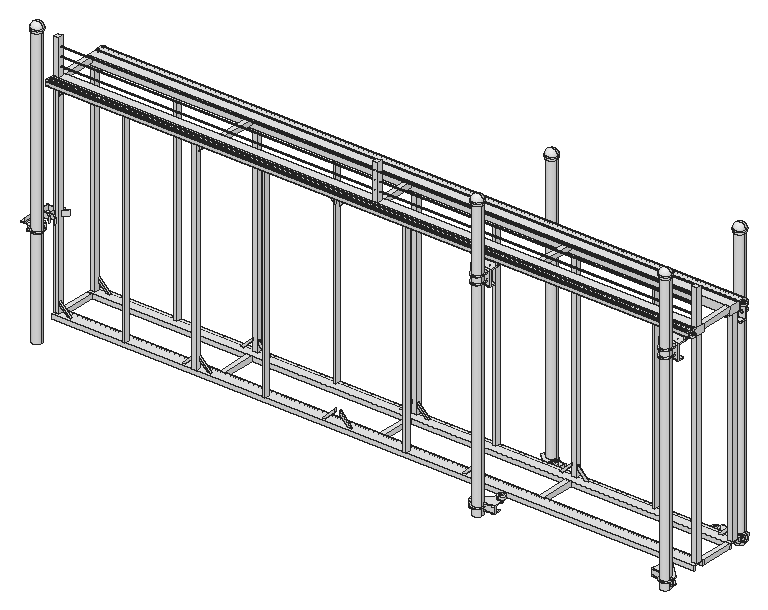
Revit family "Site-Fencing-Tymetal_Corp-Box_Frame_Cantilever_Slide_Gate-Chain_Link", category Site, Revit 2015
Parameters (values of type "Standard")
  URL = "http://www.tymetal.com/"
  Single Gate Clearances = if(Clear Opening < 12' 0", 12' 0", if(Clear Opening > 60' 0", 60' 0", Clear Opening))  # 15' - 0"
  Proposed Fence Location [instance] = yes
  Product data url = "https://bimobject.com/tymetal/product/tymetal-fortress-box"
  Product Page URL = "http://www.tymetal.com/industrial-commercial/cantilever-gates/fortress-box-frame/"
  Product Documentation Link = "http://www.tymetal.com/wp-content/uploads/2013/04/Tymetal-Fortress-Box-Frame-Cantilever-Slide-Gate.pdf"
  Post Spacing = (Single Gate Clearances / 2) - 0' 11"  # 6' - 7"
  Post Radius = Post Diameter / 2  # 0' - 2"
  Post Height = if(Barb Arms and Wires, Gate Height Clearances + Barb Height + 0' 6", Gate Height Clearances + 0' 6")  # 9' - 9"
  Post Diameter = 0' - 4"  # constant formula
  Panel Height = Height + Barb Height  # 9' - 3"
  Options = "Barb Arms are Optional; Barb Wires by Others"  # constant formula
  Notes = "Single Clear Opening up to 60' and Double Clear Openings up to 120'"  # constant formula
  Mount Clamp Extension from Gate = 0' - 2"
  Model = "Chain Link"  # constant formula
  Manufacturer = "Tymetal Corp."  # constant formula
  Length = Single Gate Clearances * 1.5  # 22' - 6"
  Height = 8' - 0"
  Hardware Finish = Metal - Tymetal - Aluminum
  Gate Height Clearances = if(Height < 6' 0", 6' 0", if(Height > 8' 0", 8' 0", Height))  # 8' - 0"
  Gate Documentation Link = "http://www.tymetal.com/wp-content/uploads/2013/04/Tymetal-Fortress-Box-Frame-Cantilever-Slide-Gate.pdf"
  Front Panel Length = (Single Gate Clearances - 0' 3 1/4") / Front Chain Link Panel Count  # 4' - 10.91667"
  Front Chain Link Panel Count = Chain Link Panel Count - 1  # 3
  Front Additional Posts = Additional Posts - 1  # 2
  Finish Note = "For additional powder coat color options, please contact Tymetal"  # constant formula
  Finish = Metal - Tymetal - Aluminum
  Fence Offset from Grade = 0' - 5"
  Description = "Fortress Box Frame Cantilever Slide Gate with Chain Link Fencing"  # constant formula
  Counter Balance Length = Single Gate Clearances * 0.5  # 7' - 6"
  Clear Opening = 15' - 0"
  Chain Link Panel Length = (Length - 0' 2") / Chain Link Panel Count  # 5' - 7"
  Chain Link Panel Count = if(and(Clear Opening > 12' 0", Clear Opening < 17' 0"), 4, if(and(Clear Opening > 18' 0", Clear Opening < 23' 0"), 5, if(and(Clear Opening > 24' 0", Clear Opening < 29' 0"), 6, if(and(Clear Opening > 30' 0", Clear Opening < 35' 0"), 7, if(and(Clear Opening > 36' 0", Clear Opening < 41' 0"), 8, if(and(Clear Opening > 42' 0", Clear Opening < 47' 0"), 9, if(and(Clear Opening > 48' 0", Clear Opening < 53' 0"), 10, if(and(Clear Opening > 54' 0", Clear Opening < 60' 0"), 11, 6))))))))  # 4
  Catch Assembly Height Above Grade = 3' - 6"
  Bottom Guide Cover = no
  Between Posts = 2' - 11"  # constant formula
  Barb Height = 1' - 3"
  Barb Arms and Wires = yes
  Assembly Code = "G2040100"
  Additional Posts = Chain Link Panel Count - 1  # 3
Reference planes (in)
  plane 1 "Center (Front/Back)": y = 0
  plane 2 "Bottom": z = 0
  plane 3 "Center (Left/Right)": x = 0
  plane 4 "Top": z = 96
  plane 5: z = 5
  plane 6: x = 135
  plane 7: x = -135
  plane 8: x = 50
  plane 9: x = 45
  plane 10: y = 17.5
  plane 11: y = -17.5
  plane 12: y = 19.5
  plane 13: y = -19.5
  plane 14: x = -137
  plane 15: x = 129
  plane 16: z = 3.275
  plane 17: z = 87.60938
  plane 18: x = 45
  plane 19: z = 42
  plane 20: y = -11
  plane 21: x = -136.49609
  plane 22: y = 11
  plane 23: x = -135
  plane 24: x = -67
  plane 25: x = -136
  plane 26: x = 67
  plane 27: x = 134
  plane 28: z = 117
  plane 29: x = 133
  plane 30: x = 42.75
  plane 31: x = -16.16667
  plane 32: x = -75.08333
  plane 33: x = -134
Forms (in)
  Extrusion 1, solid, material "Metal - Tymetal - Chain Link"
    sketch origin (0, 0, 0) x (0, 1, 0) y (0, 0, 1)
      loop
        line (10.5, 92.8125) -> (10.46875, 92.8125) -> (10.46875, 7) -> (10.5, 7) -> (10.5, 92.8125)
    from -133 to 133
  Extrusion 2, solid, material "Metal - Tymetal - Chain Link"
    sketch origin (0, 0, 0) x (0, 1, 0) y (0, 0, 1)
      loop
        line (-11.96875, 7) -> (-11.96875, 92.8125) -> (-12, 92.8125) -> (-12, 7) -> (-11.96875, 7)
    from -133 to 43.75
Dimensions and locks (in)
  "Fence Offset from Grade": plane 5 to level
  equal spacing: plane 7, plane 3 "Center (Left/Right)", plane 6
  "Length": plane 7 to plane 6
  equal spacing: plane 10, plane 1 "Center (Front/Back)", plane 11
  "Between Posts": plane 10 to plane 11
  "Post Radius": plane 13 to plane 11
  "Post Radius": plane 12 to plane 10
  "Post Radius": plane 14 to plane 7
  locked: plane 15 to plane 6 at 6
  locked: plane 16 to level at 3.275
  "Counter Balance Length": plane 18 to plane 6
  "Catch Assembly Height Above Grade": plane 19 to level
  plane 21 to plane 7 = 0' - 1 127/256"
  "Post Spacing": plane 8 to plane 15
  locked: plane 22 to plane 1 "Center (Front/Back)" at 11
  locked: plane 21 to plane 23 at 1.49609
  locked: plane 23 to plane 25 at 1
  "Chain Link Panel Length": plane 24 to plane 33
  locked: plane 6 to plane 27 at 1
  "Chain Link Panel Length": plane 27 to plane 26
  locked: plane 1 "Center (Front/Back)" to plane 20 at 11
  "Post Height": plane 28 to level
  "Gate Height Clearances": plane 4 "Top" to plane 2 "Bottom"
  equal spacing: group 1, group 3, group 2  (x3)
  locked: plane 6 to plane 29 at 2
  equal spacing: group 4, group 6, group 7, group 5  (x3)
  group 9 to group 8 = 9' - 9.83333"
  group 8 to group 9 = 0' - 0"  (x2)
  "Single Gate Clearances": plane 7 to plane 9
  locked: plane 4 "Top" to plane 17 at 8.39062
  locked: Extrusion 1 sketch curve to Extrusion 1 sketch curve at 0.03125
  locked: Extrusion 2 sketch curve to Extrusion 2 sketch curve at 0.03125
  locked: Extrusion 2 to plane 7 at 2
  locked: plane 6 to Extrusion 1 at 2
  locked: Extrusion 1 to plane 7 at 2
  locked: plane 13 to nested 25 at 4
  equal spacing: group 10, group 12, group 11  (x3)
  locked: plane 30 to plane 8 at 7.25
  equal spacing: group 13, group 15, group 14  (x3)
  locked: plane 33 to plane 23 at 1
  "Front Panel Length": plane 30 to plane 31
  "Front Panel Length": plane 32 to plane 33
  locked: Extrusion 2 to plane 30 at 1
  aligned and locked: plane 8 to nested 2
  aligned and locked: nested 2 to plane 13
  aligned and locked: nested 3 to plane 13
  aligned and locked: plane 15 to nested 3
  aligned and locked: nested 1 to plane 13
  aligned and locked: nested 4 to plane 12
  aligned and locked: plane 15 to nested 4
  aligned and locked: nested 1 to plane 2 "Bottom"
  aligned and locked: nested 1 to level
  aligned and locked: nested 3 to level  (x2)
  aligned and locked: nested 2 to level  (x2)
  aligned and locked: plane 12 to nested 8
  aligned and locked: nested 8 to plane 8
  aligned and locked: plane 8 to nested 6
  aligned and locked: plane 13 to nested 6
  aligned and locked: nested 5 to plane 13
  aligned and locked: plane 15 to nested 5
  aligned and locked: nested 7 to plane 15
  aligned and locked: nested 7 to plane 12
  aligned and locked: nested 6 to plane 16
  aligned and locked: plane 16 to nested 8
  aligned and locked: plane 16 to nested 5
  aligned and locked: nested 7 to plane 16
  aligned and locked: nested 11 to plane 8
  aligned and locked: plane 12 to nested 11
  aligned and locked: nested 12 to plane 12
  aligned and locked: nested 12 to plane 15
  aligned and locked: plane 8 to nested 9
  aligned and locked: nested 9 to plane 13
  aligned and locked: nested 10 to plane 13
  aligned and locked: plane 15 to nested 10
  aligned and locked: nested 9 to plane 17
  aligned and locked: nested 11 to plane 17
  aligned and locked: nested 10 to plane 17
  aligned and locked: nested 12 to plane 17
  aligned and locked: plane 13 to nested 13
  aligned and locked: plane 19 to nested 13
  aligned and locked: nested 14 to level
  aligned and locked: nested 14 to plane 1 "Center (Front/Back)"
  aligned and locked: plane 24 to nested 15
  aligned and locked: plane 22 to nested 15
  aligned and locked: plane 5 to nested 15
  aligned and locked: nested 14 to plane 3 "Center (Left/Right)"
  aligned and locked: plane 7 to nested 1
  aligned and locked: nested 13 to plane 7
  aligned and locked: nested 17 to plane 26
  aligned and locked: plane 22 to nested 17
  aligned and locked: plane 5 to nested 17
  aligned and locked: level to nested 19
  aligned and locked: nested 22 to plane 20
  aligned and locked: nested 23 to plane 20
  aligned and locked: nested 16 to nested 15
  aligned and locked: Extrusion 1 sketch curve to nested 14  (x2)
  aligned and locked: nested 14 to Extrusion 1 sketch curve
  aligned and locked: nested 14 to Extrusion 2 sketch curve
  aligned and locked: level to nested 24
  aligned and locked: plane 20 to nested 24
  aligned and locked: nested 14 to nested 24
  aligned and locked: plane 8 to nested 25
  aligned and locked: level to nested 26  (x2)
  aligned and locked: nested 26 to plane 8
  aligned and locked: nested 26 to plane 12
  aligned and locked: plane 24 to nested 27
  aligned and locked: plane 1 "Center (Front/Back)" to nested 27
  aligned and locked: plane 1 "Center (Front/Back)" to nested 28
  aligned and locked: nested 28 to plane 26
  aligned and locked: nested 14 to plane 7
  aligned and locked: nested 14 to plane 6
  aligned and locked: plane 30 to nested 22
  aligned and locked: plane 32 to nested 23
  aligned and locked: nested 19 to plane 27
  aligned and locked: level to nested 30
  aligned and locked: nested 30 to plane 30
  aligned and locked: nested 16 to plane 33
  aligned and locked: nested 24 to plane 33
Automatic sketch dimensions
  Extrusion 2 sketch curve to plane 20 = 0' - 1"
  plane 5 to Extrusion 2 sketch curve = 0' - 2"
Nested families (in)
  nested 1: "Fence - Post" at (-135, -19.5, 0), type "Fence - Post"
    with Post Height 9' - 9"
  nested 2: "Fence - Post" at (50, -19.5, 0), type "Fence - Post"
    with Post Height 9' - 9"
  nested 3: "Fence - Post" at (129, -19.5, 0), type "Fence - Post"
    with Post Height 9' - 9"
  nested 4: "Fence - Post" at (129, 19.5, 0), type "Fence - Post"
    with Post Height 9' - 9"
  nested 5: "Fence - Box Bottom Guide" at (129, -19.5, 3.275), type "Fence - Box Bottom Guide"
    with Guide Cover no
  nested 6: "Fence - Box Bottom Guide" at (50, -19.5, 3.275) x (-1, 0, 0) z (0, 0, 1), type "Fence - Box Bottom Guide"
    with Guide Cover no
  nested 7: "Fence - Box Bottom Guide" at (129, 19.5, 3.275), type "Fence - Box Bottom Guide"
    with Guide Cover no
  nested 8: "Fence - Box Bottom Guide" at (50, 19.5, 3.275) x (-1, 0, 0) z (0, 0, 1), type "Fence - Box Bottom Guide"
    with Guide Cover no
  nested 9: "Fence - Box Hanger with Track" at (50, -19.5, 89.10938), type "Fence - Box Hanger with Track"
  nested 10: "Fence - Box Hanger with Track" at (129, -19.5, 89.10938), type "Fence - Box Hanger with Track"
  nested 11: "Fence - Box Hanger with Track" at (50, 19.5, 89.10938) x (-1, 0, 0) z (0, 0, 1), type "Fence - Box Hanger with Track"
  nested 12: "Fence - Box Hanger with Track" at (129, 19.5, 89.10938) x (-1, 0, 0) z (0, 0, 1), type "Fence - Box Hanger with Track"
  nested 13: "Fence - Catch Assembly" at (-135, -19.5, 42) x (-1, 0, 0) z (0, 0, 1), type "Fence - Catch Assembly"
    with Gate Open Distance 0' - 2", Catch Location 0' - 2"
  nested 14: "Fence - Box Frame" at (-86, 0, 0), type "Fence - Box Frame"
    with Frame Length 22' - 6", Barb Posts 3, Frame Height 8' - 0", Drive Chain no
  nested 15: "Fence - 2x2" at (-67, 11, 0), type "Fence - 2x2"
  nested 16: "Fence - Chain Link Panel" at (-104, 10, 0) x (-1, 0, 0) z (0, 0, 1), type "Panel"
  nested 17: "Fence - 2x2" at (67, 11, 0), type "Fence - 2x2"
  nested 18: "Fence - 2x2" at (0, 11, 0), type "Fence - 2x2"
  nested 19: "Fence - Chain Link Panel" at (97, 10, 0) x (-1, 0, 0) z (0, 0, 1), type "Panel"
  nested 20: "Fence - Chain Link Panel" at (-37, 10, 0) x (-1, 0, 0) z (0, 0, 1), type "Panel"
  nested 21: "Fence - Chain Link Panel" at (30, 10, 0) x (-1, 0, 0) z (0, 0, 1), type "Panel"
  nested 22: "Fence - 2x2" at (42.75, -11, 0), type "Fence - 2x2"
  nested 23: "Fence - 2x2" at (-75.08333, -11, 0), type "Fence - 2x2"
  nested 24: "Fence - Chain Link Panel" at (-97, -10, 0), type "Front Panel"
  nested 25: "Fence-Chain_Link" at (101.5, -23.5, 0), visible <- "Proposed Fence Location", type "Fence-Chain_Link"
    with Length 6' - 7"
  nested 26: "Fence - Post" at (50, 19.5, 0), type "Fence - Post"
    with Post Height 9' - 9"
  nested 27: "Fence - Box Frame-Supports" at (-153, 0, 0), type "Fence - Box Frame-Supports"
    with Frame Height 8' - 0"
  nested 28: "Fence - Box Frame-Supports" at (-19, 0, 0), type "Fence - Box Frame-Supports"
    with Frame Height 8' - 0"
  nested 29: "Fence - Box Frame-Supports" at (-86, 0, 0), type "Fence - Box Frame-Supports"
    with Frame Height 8' - 0"
  nested 30: "Fence - Chain Link Panel" at (20.83333, -10, 0), type "Front Panel"
  nested 31: "Fence - Chain Link Panel" at (-38.08333, -10, 0), type "Front Panel"
Definition of nested family "Fence - Post"
  Parameters
    Post Radius = Post Diameter / 2  # 0' - 2"
    Post Material = none
    Post Height = 5' - 11 1/2"
    Post Diameter = 0' - 4"
    Cap Radius = Post Radius + 0' 0 1/4"  # 0' - 2 1/4"
  Reference planes (in)
    plane 1 "Center (Front/Back)": y = 0
    plane 2: z = 0
    plane 3 "Center (Left/Right)": x = 0
    plane 4: z = 75
    plane 5 "Post Right": x = 2
    plane 6 "Post Left": x = -2
    plane 7 "Post Front": y = 2
    plane 8 "Post Back": y = -2
    plane 9: z = 71.5
    plane 10: x = -2.25
    plane 11: x = -2.49863
    plane 12: z = 75
  Forms (in)
    Revolve 1, solid, material <- "Post Material", detail levels coarse
      sketch origin (0, 0, 0) x (1, 0, 0) y (0, 0, 1)
        loop
          line (-2, 0) -> (0, 0) -> (0, 75) -> (-2, 75) -> (-2, 0)
        axis (0, 75) -> (0, 0)
      angle from 0 to 360
    Revolve 2, solid, material <- "Post Material", detail levels medium+fine
      sketch origin (0, 0, 2.5) x (1, 0, 0) y (0, 0, 1)
        loop
          line (-2, -2.5) -> (0, -2.5) -> (0, 72.5)
          arc (0, 72.5) -> (-1.59099, 71.84099) -> (-2.25, 70.25) r 2.25
          line (-2.25, 70.25) -> (-2.49863, 70.25) -> (-2.49863, 70) -> (-2.25, 70) -> (-2.25, 69) -> (-2, 69) -> (-2, -2.5)
        axis (0, 72.5) -> (0, -2.5)
      angle from 0 to 360
  Lines and regions (in)
    Masking region 1
      outline origin (0, 0, 0) x (1, 0, 0) y (0, 1, 0)
        loop
          circle (0, 0) r 2
  Dimensions and locks (in)
    "Post Height": plane 9 to plane 2
    "Post Radius": plane 3 "Center (Left/Right)" to Revolve 1 sketch curve
    equal spacing: plane 6 "Post Left", plane 3 "Center (Left/Right)", plane 5 "Post Right"
    "Post Diameter": plane 6 "Post Left" to plane 5 "Post Right"
    "Post Diameter": plane 8 "Post Back" to plane 7 "Post Front"
    equal spacing: plane 8 "Post Back", plane 1 "Center (Front/Back)", plane 7 "Post Front"
    Revolve 2 sketch curve to Revolve 2 sketch curve to Revolve 2 sketch curve = 0' - 0 1/4" locked, 0' - 1" locked
    plane 11 to plane 10 to plane 6 "Post Left" = 0' - 0.24863" locked, 0' - 0 1/4" locked
    "Post Radius": radius of Masking region 1 sketch curve
    aligned and locked: Revolve 1 sketch curve to plane 3 "Center (Left/Right)"  (x2)
    aligned and locked: Revolve 1 sketch curve to level
    aligned and locked: Revolve 2 sketch curve to plane 3 "Center (Left/Right)"  (x2)
    aligned and locked: Revolve 2 sketch curve to level
    aligned and locked: plane 3 "Center (Left/Right)" to Masking region 1 sketch curve
    aligned and locked: plane 1 "Center (Front/Back)" to Masking region 1 sketch curve
    aligned and locked: plane 9 to Revolve 2
    aligned and locked: plane 9 to Revolve 2 sketch curve
    aligned and locked: plane 6 "Post Left" to Revolve 2 sketch curve
    aligned and locked: Revolve 2 sketch curve to plane 10
    aligned and locked: plane 11 to Revolve 2 sketch curve
    aligned and locked: plane 10 to Revolve 2 sketch curve
    aligned and locked: plane 12 to plane 4
    aligned and locked: plane 12 to Revolve 2 sketch curve
  Automatic sketch dimensions
    Revolve 2 sketch curve to Revolve 2 sketch curve = 2' - 0 1/2"
    plane 4 to Revolve 2 sketch curve = 3' - 9.60702"
    Revolve 1 sketch curve to plane 4 = 0' - 0"
    Revolve 1 sketch curve to Revolve 1 sketch curve = 2' - 0"
    Revolve 1 sketch curve to Revolve 1 sketch curve = 3' - 10.10599"
Definition of nested family "Fence - Box Bottom Guide"
  Parameters
    Post Radius = Post Diameter / 2  # 0' - 2"
    Post Diameter = 0' - 4"
    Post Attachment Extension = 0' - 2"
    Outside Guide Location = 0' - 10 3/4"
    OG Calculation = if(Outside Guide Location < 0' 6 15/16", 0' 6 15/16", if(Outside Guide Location > 0' 10 3/4", 0' 10 3/4", Outside Guide Location))  # 0' - 10 3/4"
    Inside Guide Location = 0' - 1 11/16"
    IG Calculation = if(Inside Guide Location < 0' 1 11/16", 0' 1 11/16", if(Inside Guide Location > 0' 3 1/4", 0' 3 1/4", Inside Guide Location))  # 0' - 1 11/16"
    Guide Cover = yes
    Bottom Guide Material = none
  Reference planes (in)
    plane 1 "Center (Front/Back)": y = 0
    plane 2: z = 0
    plane 3 "Center (Left/Right)": x = 0
    plane 4: z = 1.5
    plane 5: z = -1.5
    plane 6: y = 7.5
  Forms (in)
    Extrusion 1, solid, material <- "Bottom Guide Material"
      sketch origin (0.008, 0.04498, 0) x (0.139173, 0.990268, 0) y (0, 0, 1)
        loop
          line (6.23383, 1.3736) -> (0.30429, 1.3736)
          arc (0.30429, 1.3736) -> (0.11466, 1.29505) -> (0.03611, 1.10542) r 0.26818
          line (0.03611, 1.10542) -> (0.03611, -1.308)
          arc (0.03611, -1.308) -> (0.11783, -1.50529) -> (0.31511, -1.587) r 0.279
          line (0.31511, -1.587) -> (3.04427, -1.587) -> (3.04427, -1.337) -> (0.27641, -1.337) -> (0.27641, 1.12219) -> (6.23383, 1.12219) -> (6.23383, 1.3736)
      from -6.72252 to 3.32001
    Extrusion 2, void
      sketch origin (0.008, 0.04498, 0) x (0.990268, -0.139173, 0) y (0.139173, 0.990268, 0)
        loop
          line (-4.40584, 6.95107) -> (3.71999, 1.2613) -> (3.71999, 6.95107) -> (-4.40584, 6.95107)
        loop
          circle (0, 0) r 2
      from -1.587 to 1.78897
  Cuts and joins
    Extrusion 2 cuts Extrusion 1
  Lines and regions (in)
    Masking region 1
      outline origin (-0.03883, -0.27629, 0) x (1, 0, 0) y (0, 1, 0)
        loop
          line (-2.40954, 6.94206) -> (-5.74538, 7.41088) -> (-6.60793, 1.27347) -> (-1.9313, 0.61622)
          arc (-1.9313, 0.61622) -> (0.32518, 2.3018) -> (2.02963, 0.05954) r 2
          line (2.02963, 0.05954) -> (3.33686, -0.12418) -> (3.54905, 1.38559) -> (-2.40954, 6.94206)
  Dimensions and locks (in)
    equal spacing: plane 4, level, plane 5
    plane 4 to plane 5 = 0' - 3"
    Extrusion 1 sketch curve to Extrusion 1 sketch curve to Extrusion 1 sketch curve to level to Extrusion 1 sketch curve to Extrusion 1 sketch curve to Extrusion 1 sketch curve = 0' - 0.25141" locked, 0' - 0.01677" locked, 0' - 1.10542" locked, 0' - 1.308" locked, 0' - 0.029" locked, 0' - 0 1/4" locked
    Extrusion 1 sketch curve to Extrusion 1 sketch curve to Extrusion 1 sketch curve to Extrusion 1 sketch curve to Extrusion 1 sketch curve to Extrusion 1 sketch curve = 0' - 3.18957" locked, 0' - 2.72915" locked, 0' - 0.01082" locked, 0' - 0.02788" locked, 0' - 0.2403" locked
    locked: plane 1 "Center (Front/Back)" to plane 6 at 7.5
    aligned and locked: plane 3 "Center (Left/Right)" to nested 2
    aligned and locked: level to nested 2
    aligned and locked: Extrusion 2 to nested 1
    aligned and locked: Extrusion 2 to Extrusion 1
  Automatic sketch dimensions
    Extrusion 2 sketch curve to plane 1 "Center (Front/Back)" = 0' - 7.54158"
    Extrusion 2 sketch curve to Extrusion 2 sketch curve = 0' - 4.40584"
    Extrusion 2 sketch curve to Extrusion 2 sketch curve = 0' - 3.71999"
    Extrusion 2 sketch curve to Extrusion 2 sketch curve = 0' - 5.68977"
    Extrusion 2 sketch curve to Extrusion 2 sketch curve = 0' - 1.2613"
    Extrusion 2 sketch curve to plane 3 "Center (Left/Right)" = 0' - 3.38756"
    Masking region 1 sketch curve to plane 1 "Center (Front/Back)" = 0' - 0.99718"
    Masking region 1 sketch curve to plane 3 "Center (Left/Right)" = 0' - 6.64676"
    Masking region 1 sketch curve to plane 3 "Center (Left/Right)" = 0' - 5.78421"
    Masking region 1 sketch curve to plane 3 "Center (Left/Right)" = 0' - 2.44837"
    Masking region 1 sketch curve to plane 1 "Center (Front/Back)" = 0' - 0.33993"
    Masking region 1 sketch curve to plane 3 "Center (Left/Right)" = 0' - 1.97013"
    Masking region 1 sketch curve to plane 1 "Center (Front/Back)" = 0' - 1.1093"
    Masking region 1 sketch curve to Masking region 1 sketch curve = 0' - 0.21218"
    plane 1 "Center (Front/Back)" to Masking region 1 sketch curve = 0' - 0.40047"
    plane 3 "Center (Left/Right)" to Masking region 1 sketch curve = 0' - 0.008"
    plane 1 "Center (Front/Back)" to Masking region 1 sketch curve = 0' - 0.21675"
    Masking region 1 sketch curve to plane 1 "Center (Front/Back)" = 0' - 0.04498"
    radius of Extrusion 2 sketch curve = 0' - 2"
  Nested families (in)
    nested 1: "Fence - Bottom Wheel" at (-5.35693, 5.99942, 2.53897) x (-1, 0, 0) z (0, 0, 1), type "Fence - Bottom Wheel"
    nested 2: "Fence - Post Bracket" at (0, 0, 0), type "Fence - Post Bracket"
      with Extension Length 0' - 2"
  Definition of nested family "Fence - Bottom Wheel"
    Parameters
      Guide Cover = yes
      Bottom Guide Material = none
    Reference planes (in)
      plane 1 "Center (Front/Back)": y = 0
      plane 2: z = 0
      plane 3 "Center (Left/Right)": x = 0
      plane 4: z = 1.5
      plane 5: z = -1.5
      plane 6: y = -1.51035
      plane 7: y = 1.51035
    Forms (in)
      Revolve 1, solid, material <- "Bottom Guide Material", detail levels medium+fine
        sketch origin (0, -12.31413, 0) x (0, 1, 0) y (0, 0, 1)
          loop
            arc (10.80379, -0.5) -> (10.87701, -0.67678) -> (11.05379, -0.75) r 0.25
            line (11.05379, -0.75) -> (11.55379, -0.75) -> (11.55379, -0.6875) -> (11.67879, -0.6875) -> (11.67879, -0.875) -> (11.88112, -0.875) -> (11.88112, -1.125) -> (12.21022, -1.125) -> (12.21022, -1.5) -> (11.67879, -1.5) -> (11.67879, -1.625) -> (11.88112, -1.625) -> (11.88112, -2.125) -> (12.31413, -2.125) -> (12.31413, 1.25) -> (11.88112, 1.25) -> (11.88112, 0.875) -> (11.67879, 0.875) -> (11.67879, 0.6875) -> (11.55379, 0.6875) -> (11.55379, 0.75) -> (11.05379, 0.75)
            arc (11.05379, 0.75) -> (10.87701, 0.67678) -> (10.80379, 0.5) r 0.25
            line (10.80379, 0.5) -> (10.80379, -0.5)
          axis (12.31413, -2.125) -> (12.31413, 1.25)
        angle from 0 to 360
      Revolve 2, solid, material <- "Bottom Guide Material", detail levels coarse
        sketch origin (0, -12.31413, 0) x (0, 1, 0) y (0, 0, 1)
          loop
            line (10.80379, -0.75) -> (11.88112, -0.75) -> (11.88112, -1.125) -> (12.21022, -1.125) -> (12.21022, -1.5) -> (11.67879, -1.5) -> (11.67879, -2.125) -> (12.31413, -2.125) -> (12.31413, 1.25) -> (11.88112, 1.25) -> (11.88112, 0.75) -> (10.80379, 0.75) -> (10.80379, -0.75)
          axis (12.31413, -2.125) -> (12.31413, 1.25)
        angle from 0 to 360
      Sweep 3, solid, material <- "Bottom Guide Material", visible <- "Guide Cover", detail levels medium+fine
        path origin (0, -12.31413, 0) x (1, 0, 0) y (0, 1, 0)
          loop
            line (-1.87363, 11.06413) -> (-1.87363, 12.31413)
            arc (-1.87363, 12.31413) -> (0, 14.18776) -> (1.87363, 12.31413) r 1.87363
            line (1.87363, 12.31413) -> (1.87363, 11.06413)
        profile origin (0, 1.87363, 0) x (0, 1, 0) y (0, 0, 1)
          loop
            line (-0.0625, -1.0625) -> (0, -1.0625) -> (0, 0.9375)
            arc (0, 0.9375) -> (-0.07322, 1.11428) -> (-0.25, 1.1875) r 0.25
            line (-0.25, 1.1875) -> (-0.36328, 1.1875) -> (-0.36328, 1.125) -> (-0.25, 1.125)
            arc (-0.25, 1.125) -> (-0.11742, 1.07008) -> (-0.0625, 0.9375) r 0.1875
            line (-0.0625, 0.9375) -> (-0.0625, -1.0625)
      Extrusion 4, solid, material <- "Bottom Guide Material", visible <- "Guide Cover", detail levels medium+fine
        sketch origin (0, -12.31413, 0) x (1, 0, 0) y (0, 1, 0)
          loop
            line (-1.51035, 11.06413) -> (1.51035, 11.06413) -> (1.51035, 12.31413)
            arc (1.51035, 12.31413) -> (0, 13.82448) -> (-1.51035, 12.31413) r 1.51035
            line (-1.51035, 12.31413) -> (-1.51035, 11.06413)
        from 1.125 to 1.1875
    Cuts and joins
      joined: Sweep 3, Extrusion 4
    Lines and regions (in)
      Masking region 1, visible <- "Guide Cover", detail levels medium+fine
        outline origin (0, 0, 0) x (1, 0, 0) y (0, 1, 0)
          loop
            line (-1.87363, 0) -> (-1.87363, -1.25) -> (1.87363, -1.25) -> (1.87363, 0)
            arc (1.87363, 0) -> (0, 1.87363) -> (-1.87363, 0) r 1.87363
      Masking region 2
        outline origin (0, 0, 0) x (1, 0, 0) y (0, 1, 0)
          loop
            circle (0, 0) r 1.51035
      Masking region 3, detail levels fine
        outline origin (0, 0, 0) x (1, 0, 0) y (0, 1, 0)
          loop
            circle (0, 0) r 0.76035
          loop
            circle (0, 0) r 0.63535
          loop
            circle (0, 0) r 0.43301
          loop
            circle (0, 0) r 0.10391
    Dimensions and locks (in)
      equal spacing: plane 4, level, plane 5
      plane 4 to plane 5 = 0' - 3"
      aligned and locked: Sweep 3 to Extrusion 4
      aligned and locked: Extrusion 4 to Sweep 3
    Automatic sketch dimensions
      Revolve 1 sketch curve to plane 6 = 0' - 0"
      Revolve 1 sketch curve to plane 5 = 0' - 0"
      Revolve 1 sketch curve to plane 1 "Center (Front/Back)" = 0' - 0"  (x2)
      Revolve 1 sketch curve to Revolve 1 sketch curve = 0' - 0 1/4"  (x3)
      Revolve 1 sketch curve to Revolve 1 sketch curve = 0' - 0 1/2"  (x3)
      Revolve 1 sketch curve to Revolve 1 sketch curve = 0' - 0 1/8"  (x4)
      plane 1 "Center (Front/Back)" to Revolve 1 sketch curve = 0' - 0.63535"
      Revolve 1 sketch curve to Revolve 1 sketch curve = 0' - 0.20233"  (x3)
      plane 1 "Center (Front/Back)" to Revolve 1 sketch curve = 0' - 0.10391"
      Revolve 1 sketch curve to plane 5 = 0' - 0 1/8"
      plane 5 to Revolve 1 sketch curve = 0' - 0 3/8"
      Revolve 1 sketch curve to Revolve 1 sketch curve = 0' - 0 1/16"  (x2)
      level to Revolve 1 sketch curve = 0' - 0 1/2"
      Revolve 1 sketch curve to plane 4 = 0' - 0 1/4"
      Revolve 1 sketch curve to Revolve 1 sketch curve = 0' - 9 7/8"
      plane 4 to Revolve 1 sketch curve = 7' - 10 1/2"
      Revolve 2 sketch curve to plane 6 = 0' - 0"
      Revolve 2 sketch curve to plane 5 = 0' - 0"
      Revolve 2 sketch curve to plane 1 "Center (Front/Back)" = 0' - 0"  (x2)
      Revolve 2 sketch curve to Revolve 2 sketch curve = 0' - 0.63535"
      Revolve 2 sketch curve to Revolve 2 sketch curve = 0' - 0.43301"
      plane 1 "Center (Front/Back)" to Revolve 2 sketch curve = 0' - 0.43301"
      plane 1 "Center (Front/Back)" to Revolve 2 sketch curve = 0' - 0.10391"
      Revolve 2 sketch curve to plane 5 = 0' - 0 5/8"
      plane 5 to Revolve 2 sketch curve = 0' - 0 3/8"
      Revolve 2 sketch curve to Revolve 2 sketch curve = 0' - 0 3/8"
      level to Revolve 2 sketch curve = 0' - 0 3/4"
      Revolve 2 sketch curve to plane 4 = 0' - 0 1/4"
      Revolve 2 sketch curve to Revolve 2 sketch curve = 0' - 9 7/8"
      plane 4 to Revolve 2 sketch curve = 7' - 10 1/2"
      plane 1 "Center (Front/Back)" to Sweep 3 sketch curve = 0' - 0"
      Sweep 3 sketch curve to plane 3 "Center (Left/Right)" = 0' - 0"
      Sweep 3 sketch curve to Sweep 3 sketch curve = 0' - 1.87363"
      plane 6 to Sweep 3 sketch curve = 0' - 0.26035"  (x2)
      Sweep 3 sketch curve to Sweep 3 sketch curve = 0' - 0"  (x2)
      Sweep 3 sketch curve to profile plane = 0' - 0"
      profile plane to Sweep 3 sketch curve = 0' - 0 1/16"
      Sweep 3 sketch curve to Sweep 3 sketch curve = 0' - 0 3/16"
      Sweep 3 sketch curve to Sweep 3 sketch curve = 0' - 0 29/256"
      Sweep 3 sketch curve to profile plane = 0' - 1 1/16"
      profile plane to Sweep 3 sketch curve = 0' - 0 15/16"
      plane 1 "Center (Front/Back)" to Extrusion 4 sketch curve = 0' - 0"
      Extrusion 4 sketch curve to plane 3 "Center (Left/Right)" = 0' - 0"
      plane 6 to Extrusion 4 sketch curve = 0' - 0.26035"
      Extrusion 4 sketch curve to plane 3 "Center (Left/Right)" = 0' - 1.51035"
      plane 1 "Center (Front/Back)" to Masking region 1 sketch curve = 0' - 0"
      Masking region 1 sketch curve to plane 3 "Center (Left/Right)" = 0' - 0"
      Masking region 1 sketch curve to Masking region 1 sketch curve = 0' - 1.87363"
      plane 6 to Masking region 1 sketch curve = 0' - 0.26035"
      Masking region 2 sketch curve to Masking region 2 sketch curve = 0' - 0"  (x2)
      Masking region 2 sketch curve to plane 3 "Center (Left/Right)" = 0' - 0"
      Masking region 2 sketch curve to plane 6 = 0' - 0"
      plane 1 "Center (Front/Back)" to Masking region 2 sketch curve = 0' - 0"
      Masking region 3 sketch curve to Masking region 3 sketch curve = 0' - 0"  (x6)
      plane 1 "Center (Front/Back)" to Masking region 3 sketch curve = 0' - 0"
      Masking region 3 sketch curve to plane 3 "Center (Left/Right)" = 0' - 0"
      Masking region 3 sketch curve to Masking region 3 sketch curve = 0' - 0.63535"
      Masking region 3 sketch curve to Masking region 3 sketch curve = 0' - 0 1/8"
      Masking region 3 sketch curve to Masking region 3 sketch curve = 0' - 0.20233"
      Masking region 3 sketch curve to Masking region 3 sketch curve = 0' - 0.10391"
  Definition of nested family "Fence - Post Bracket"
    Parameters
      Extension Length = 0' - 3"
      Bottom Guide Material = none
    Reference planes (in)
      plane 1 "Center (Front/Back)": y = 0
      plane 2: z = 0
      plane 3 "Center (Left/Right)": x = 0
    Forms (in)
      Sweep 1, solid, material <- "Bottom Guide Material", detail levels medium+fine
        path origin (0, 0, 0) x (1, 0, 0) y (0, 1, 0)
          loop
            line (-2.5, 3) -> (-2.5, 0)
            arc (-2.5, 0) -> (0, -2.5) -> (2.5, 0) r 2.5
            line (2.5, 0) -> (2.5, 3)
        profile origin (0, -2.5, 0) x (0, 1, 0) y (0, 0, 1)
          loop
            circle (0.25, 0) r 0.25
    Lines and regions (in)
      Masking region 1, detail levels medium+fine
        outline origin (0, 0, 0) x (1, 0, 0) y (0, 1, 0)
          loop
            line (-2.5, 3) -> (-2.5, 0)
            arc (-2.5, 0) -> (0, -2.5) -> (2.5, 0) r 2.5
            line (2.5, 0) -> (2.5, 3) -> (2, 3) -> (2, 0)
            arc (2, 0) -> (0, -2) -> (-2, 0) r 2
            line (-2, 0) -> (-2, 3) -> (-2.5, 3)
    Dimensions and locks (in)
      "Extension Length": plane 1 "Center (Front/Back)" to Sweep 1 sketch curve  (x2)
      locked: Masking region 1 sketch curve to Masking region 1 sketch curve at 0.5  (x2)
      aligned and locked: Masking region 1 sketch curve to Sweep 1  (x2)
    Automatic sketch dimensions
      Sweep 1 sketch curve to level = 0' - 0"
      Sweep 1 sketch curve to profile plane = 0' - 0 1/4"
      Masking region 1 sketch curve to Masking region 1 sketch curve = 0' - 0"
      plane 1 "Center (Front/Back)" to Masking region 1 sketch curve = 0' - 0"
      Masking region 1 sketch curve to plane 3 "Center (Left/Right)" = 0' - 0"
      Masking region 1 sketch curve to plane 3 "Center (Left/Right)" = 0' - 2"
      plane 1 "Center (Front/Back)" to Sweep 1 sketch curve = 0' - 0"
      Sweep 1 sketch curve to plane 3 "Center (Left/Right)" = 0' - 0"
      Sweep 1 sketch curve to plane 3 "Center (Left/Right)" = 0' - 2 1/2"
      radius of Sweep 1 sketch curve = 0' - 0 1/4"
Definition of nested family "Fence - Box Hanger with Track"
  Parameters
    Roller Height = 0' - 3 1/4"
    Right Track = yes
    Post Radius = Post Diameter / 2  # 0' - 2"
    Post Diameter = 0' - 4"
    Post Attachment Extension = 0' - 2"
    Left Track = not(Right Track)  # no
    Hanger Material = none
  Reference planes (in)
    plane 1 "Center (Front/Back)": y = 0
    plane 2: z = 0
    plane 3 "Center (Left/Right)": x = 0
    plane 4: z = 6.3125
    plane 5: z = -1.5
  Dimensions and locks (in)
    "Post Radius": plane 1 "Center (Front/Back)" to nested 2
    locked: level to plane 5 at 1.5
    aligned and locked: plane 3 "Center (Left/Right)" to nested 1
    aligned and locked: plane 3 "Center (Left/Right)" to nested 2
    aligned and locked: nested 4 to nested 2
    aligned and locked: nested 4 to nested 3
  Nested families (in)
    nested 1: "Fence - Post Bracket" at (0, -0.1875, -1.5), type "Fence - Post Bracket"
      with Extension Length 0' - 2"
    nested 2: "Fence - Box Hanger Plate" at (0, 1.62395, 0), type "Fence - Box Hanger Plate"
    nested 3: "Fence - Track Roller" at (-3.3125, 5.99794, 3.1875), type "Fence - Track Roller"
    nested 4: "Fence - Track Roller" at (3.3125, 5.99794, 3.1875) x (-1, 0, 0) z (0, 0, 1), type "Fence - Track Roller"
    nested 5: "Fence - Post Bracket" at (0, -0.1875, 1.5), type "Fence - Post Bracket"
      with Extension Length 0' - 2"
  Definition of nested family "Fence - Post Bracket"
    Parameters
      Extension Length = 0' - 3"
      Bottom Guide Material = none
    Reference planes (in)
      plane 1 "Center (Front/Back)": y = 0
      plane 2: z = 0
      plane 3 "Center (Left/Right)": x = 0
    Forms (in)
      Sweep 1, solid, material <- "Bottom Guide Material", detail levels medium+fine
        path origin (0, 0, 0) x (1, 0, 0) y (0, 1, 0)
          loop
            line (-2.5, 3) -> (-2.5, 0)
            arc (-2.5, 0) -> (0, -2.5) -> (2.5, 0) r 2.5
            line (2.5, 0) -> (2.5, 3)
        profile origin (0, -2.5, 0) x (0, 1, 0) y (0, 0, 1)
          loop
            circle (0.25, 0) r 0.25
    Lines and regions (in)
      Masking region 1, detail levels medium+fine
        outline origin (0, 0, 0) x (1, 0, 0) y (0, 1, 0)
          loop
            line (-2.5, 3) -> (-2.5, 0)
            arc (-2.5, 0) -> (0, -2.5) -> (2.5, 0) r 2.5
            line (2.5, 0) -> (2.5, 3) -> (2, 3) -> (2, 0)
            arc (2, 0) -> (0, -2) -> (-2, 0) r 2
            line (-2, 0) -> (-2, 3) -> (-2.5, 3)
    Dimensions and locks (in)
      "Extension Length": plane 1 "Center (Front/Back)" to Sweep 1 sketch curve  (x2)
      locked: Masking region 1 sketch curve to Masking region 1 sketch curve at 0.5  (x2)
      aligned and locked: Masking region 1 sketch curve to Sweep 1  (x2)
    Automatic sketch dimensions
      Sweep 1 sketch curve to level = 0' - 0"
      Sweep 1 sketch curve to profile plane = 0' - 0 1/4"
      Masking region 1 sketch curve to Masking region 1 sketch curve = 0' - 0"
      plane 1 "Center (Front/Back)" to Masking region 1 sketch curve = 0' - 0"
      Masking region 1 sketch curve to plane 3 "Center (Left/Right)" = 0' - 0"
      Masking region 1 sketch curve to plane 3 "Center (Left/Right)" = 0' - 2"
      plane 1 "Center (Front/Back)" to Sweep 1 sketch curve = 0' - 0"
      Sweep 1 sketch curve to plane 3 "Center (Left/Right)" = 0' - 0"
      Sweep 1 sketch curve to plane 3 "Center (Left/Right)" = 0' - 2 1/2"
      radius of Sweep 1 sketch curve = 0' - 0 1/4"
  Definition of nested family "Fence - Box Hanger Plate"
    Parameters
      Hanger Material = none
    Reference planes (in)
      plane 1 "Center (Front/Back)": y = 0
      plane 2: z = 0
      plane 3 "Center (Left/Right)": x = 0
      plane 4: y = 0.37605
      plane 5: x = -3.3125
      plane 6: y = 3.9375
      plane 7: x = 3.3125
    Forms (in)
      Extrusion 1, solid, material <- "Hanger Material"
        sketch origin (0, 0, 0) x (0, 1, 0) y (0, 0, 1)
          loop
            arc (0.41542, 3.25406) -> (0.12242, 3.13269) -> (0.00105, 2.83969) r 0.41437
            line (0.00105, 2.83969) -> (0.00105, -2.83157)
            arc (0.00105, -2.83157) -> (0.12242, -3.12457) -> (0.41542, -3.24594) r 0.41437
            line (0.41542, -3.24594) -> (2.2293, -3.24594) -> (2.2293, -2.87094) -> (0.41542, -2.87094)
            arc (0.41542, -2.87094) -> (0.38758, -2.85941) -> (0.37605, -2.83157) r 0.03937
            line (0.37605, -2.83157) -> (0.37605, 2.83969)
            arc (0.37605, 2.83969) -> (0.38758, 2.86753) -> (0.41542, 2.87906) r 0.03937
            line (0.41542, 2.87906) -> (3.81455, 2.87906) -> (3.81455, 3.25406) -> (0.41542, 3.25406)
        from -4 to 4
      Extrusion 2, void
        sketch origin (0, -1.3125, 0) x (1, 0, 0) y (0, 1, 0)
          loop
            line (-1.3125, 1.25105) -> (1.3125, 1.25105) -> (1.3125, 1.75)
            arc (1.3125, 1.75) -> (1.23928, 1.92678) -> (1.0625, 2) r 0.25
            line (1.0625, 2) -> (-1.0625, 2)
            arc (-1.0625, 2) -> (-1.23928, 1.92678) -> (-1.3125, 1.75) r 0.25
            line (-1.3125, 1.75) -> (-1.3125, 1.25105)
        from -3.24594 to 3.25406
      Extrusion 3, solid, material <- "Hanger Material"
        sketch origin (0, 0.4375, 0) x (1, 0, 0) y (0, 1, 0)
          loop
            line (4, 3.37705) -> (4, 3.9375)
            arc (4, 3.9375) -> (3.79864, 4.42364) -> (3.3125, 4.625) r 0.6875
            line (3.3125, 4.625) -> (-3.3125, 4.625)
            arc (-3.3125, 4.625) -> (-3.79864, 4.42364) -> (-4, 3.9375) r 0.6875
            line (-4, 3.9375) -> (-4, 3.37705) -> (4, 3.37705)
        from 2.87906 to 3.25406
      Extrusion 4, solid, material <- "Hanger Material"
        sketch origin (0, 0, 0) x (1, 0, 0) y (0, 1, 0)
          loop
            arc (-3.5, 2.875) -> (-3.85355, 2.72855) -> (-4, 2.375) r 0.5
            line (-4, 2.375) -> (-4, 2.2293) -> (4, 2.2293) -> (4, 2.375)
            arc (4, 2.375) -> (3.85355, 2.72855) -> (3.5, 2.875) r 0.5
            line (3.5, 2.875) -> (-3.5, 2.875)
        from -3.24594 to -2.87094
      Sweep 5, solid, material <- "Hanger Material", detail levels fine
        path origin (-2.63501, 0.79388, 1.47707) x (0.464166, 0.563047, -0.683761) y (0.368983, 0.578872, 0.727158)
          loop
            line (1.11219, -1.78253) -> (1.11219, 2.96747)
        profile origin (-1.90016, 1.76306, 1.14741) x (-0.464166, -0.563047, 0.683761) y (0.805234, -0.589818, 0.060938)
          loop
            circle (0, 0) r 0.25
      Sweep 6, solid, material <- "Hanger Material", detail levels fine
        path origin (2.63501, 0.8095, 1.47707) x (-0.464166, 0.563047, -0.683761) y (0.368983, -0.578872, -0.727158)
          loop
            line (1.09193, 1.79654) -> (1.09193, -2.95346)
        profile origin (1.91473, 1.75917, 1.15108) x (-0.464166, 0.563047, -0.683761) y (-0.805234, -0.589818, 0.060938)
          loop
            circle (0, 0) r 0.25
    Cuts and joins
      Extrusion 2 cuts Extrusion 1
      joined: Extrusion 1, Extrusion 3, Extrusion 4
    Lines and regions (in)
      Masking region 1, detail levels coarse
        outline origin (0, 0, 0) x (1, 0, 0) y (0, 1, 0)
          loop
            line (-4, 4.625) -> (-4, 1.50105) -> (-1.3125, 1.50105) -> (-1.3125, 2) -> (1.3125, 2) -> (1.3125, 1.50105) -> (4, 1.50105) -> (4, 4.625) -> (-4, 4.625)
      Masking region 2, detail levels medium+fine
        outline origin (0, 0.4375, 0) x (1, 0, 0) y (0, 1, 0)
          loop
            line (-4, 3.9375) -> (-4, -0.4375) -> (-1.3125, -0.4375) -> (-1.3125, 0)
            arc (-1.3125, 0) -> (-1.23928, 0.17678) -> (-1.0625, 0.25) r 0.25
            line (-1.0625, 0.25) -> (1.0625, 0.25)
            arc (1.0625, 0.25) -> (1.23928, 0.17678) -> (1.3125, 0) r 0.25
            line (1.3125, 0) -> (1.3125, -0.4375) -> (4, -0.4375) -> (4, 3.9375)
            arc (4, 3.9375) -> (3.79864, 4.42364) -> (3.3125, 4.625) r 0.6875
            line (3.3125, 4.625) -> (-3.3125, 4.625)
            arc (-3.3125, 4.625) -> (-3.79864, 4.42364) -> (-4, 3.9375) r 0.6875
    Dimensions and locks (in)
      locked: cut or joined group of Extrusion 1, Extrusion 2, Extrusion 3, Extrusion 4 to cut or joined group of Extrusion 1, Extrusion 2, Extrusion 3, Extrusion 4 at 8
      aligned and locked: cut or joined group of Extrusion 1, Extrusion 2, Extrusion 3, Extrusion 4 to cut or joined group of Extrusion 1, Extrusion 2, Extrusion 3, Extrusion 4  (x2)
      aligned and locked: Masking region 2 to cut or joined group of Extrusion 1, Extrusion 2, Extrusion 3, Extrusion 4
  Definition of nested family "Fence - Track Roller"
    Parameters
      Track Roller Material = none
      Track Height = 0' - 4"
    Reference planes (in)
      plane 1 "Center (Front/Back)": y = 0
      plane 2: z = 0
      plane 3 "Center (Left/Right)": x = 0
      plane 4: x = -4.42187
      plane 5: x = 4.42188
      plane 6: z = 2.5
      plane 7: y = 0.40625
      plane 8: y = -0.40625
      plane 9: z = 4
      plane 10: z = 2.375
      plane 11: y = 1.09674
      plane 12: y = -1.09674
      plane 13: y = 0.59674
      plane 14: y = -0.59674
      plane 15: z = 3.1875
      plane 16: x = -1.4375
      plane 17: x = 1.42187
      plane 18: z = -0.75
      plane 19: z = -0.1875
      plane 20: z = 0.1875
    Forms (in)
      Extrusion 1, solid, material <- "Track Roller Material"
        sketch origin (0, 0, 0) x (1, 0, 0) y (0, 0, 1)
          loop
            line (-3.73437, 2.5) -> (3.73438, 2.5) -> (3.73438, 2.75) -> (-3.73437, 2.75) -> (-3.73437, 2.5)
        from -0.40625 to 0.40625
      Extrusion 2, solid, material <- "Track Roller Material"
        sketch origin (0, 0, 0) x (1, 0, 0) y (0, 0, 1)
          loop
            line (-2.04089, 3.25) -> (-2.04089, 2.75) -> (2.04089, 2.75) -> (2.04089, 3.25) -> (-2.04089, 3.25)
        from -0.5 to 0.5
      Revolve 3, solid, material <- "Track Roller Material"
        sketch origin (0, 0, 0) x (1, 0, 0) y (0, 0, 1)
          loop
            line (-4.42188, 2.8125) -> (-3.26263, 2.8125) -> (-3.26263, 3.625) -> (-3.51263, 3.625) -> (-3.51263, 3.375) -> (-3.63763, 3.375) -> (-3.63763, 3.3125) -> (-4.42188, 3.3125) -> (-4.42188, 2.8125)
          axis (-3.26263, 3.625) -> (-3.26263, 2.8125)
        angle from 0 to 360
      Revolve 4, solid, material <- "Track Roller Material"
        sketch origin (0, 0, 0) x (-1, 0, 0) y (0, 0, 1)
          loop
            line (-4.42188, 2.8125) -> (-3.26263, 2.8125) -> (-3.26263, 3.625) -> (-3.51263, 3.625) -> (-3.51263, 3.375) -> (-3.63763, 3.375) -> (-3.63763, 3.3125) -> (-4.42188, 3.3125) -> (-4.42188, 2.8125)
          axis (-3.26263, 3.625) -> (-3.26263, 2.8125)
        angle from 0 to 360
      Revolve 5, solid, material <- "Track Roller Material"
        sketch origin (-1.4375, -180, 11.2214) x (0, 0, 1) y (0, -1, 0)
          loop
            line (-7.2214, -181.09674) -> (-7.2214, -180.59674) -> (-8.0339, -180.59674) -> (-8.0339, -181.09674) -> (-7.2214, -181.09674)
          axis (-8.0339, -181.09674) -> (-8.0339, -180.59674)
        angle from 0 to 360
      Revolve 6, solid, material <- "Track Roller Material"
        sketch origin (-1.4375, -180, 11.2214) x (0, 0, 1) y (0, -1, 0)
          loop
            line (-7.2214, -179.40326) -> (-7.2214, -178.90326) -> (-8.0339, -178.90326) -> (-8.0339, -179.40326) -> (-7.2214, -179.40326)
          axis (-8.0339, -179.40326) -> (-8.0339, -178.90326)
        angle from 0 to 360
      Revolve 7, solid, material <- "Track Roller Material"
        sketch origin (1.42187, -180, 11.2214) x (0, 0, 1) y (0, -1, 0)
          loop
            line (-7.2214, -181.09674) -> (-7.2214, -180.59674) -> (-8.0339, -180.59674) -> (-8.0339, -181.09674) -> (-7.2214, -181.09674)
          axis (-8.0339, -181.09674) -> (-8.0339, -180.59674)
        angle from 0 to 360
      Revolve 8, solid, material <- "Track Roller Material"
        sketch origin (1.42187, -180, 11.2214) x (0, 0, 1) y (0, -1, 0)
          loop
            line (-7.2214, -179.40326) -> (-7.2214, -178.90326) -> (-8.0339, -178.90326) -> (-8.0339, -179.40326) -> (-7.2214, -179.40326)
          axis (-8.0339, -179.40326) -> (-8.0339, -178.90326)
        angle from 0 to 360
      Extrusion 9, solid, material <- "Track Roller Material"
        sketch origin (0, 0, 0) x (1, 0, 0) y (0, 1, 0)
          loop
            circle (0, 0) r 0.375
        from -0.75 to 2.5
      Extrusion 10, solid, material <- "Track Roller Material"
        sketch origin (0, 0, 0) x (1, 0, 0) y (0, 1, 0)
          loop
            line (-0.625, 0.84674) -> (-0.625, 0.5) -> (0.625, 0.5) -> (0.625, 0.84674) -> (-0.625, 0.84674)
          loop
            line (-0.625, -0.84674) -> (0.625, -0.84674) -> (0.625, -0.5) -> (-0.625, -0.5) -> (-0.625, -0.84674)
        from 2.5 to 3.25
    Dimensions and locks (in)
      equal spacing: plane 4, plane 3 "Center (Left/Right)", plane 5
      locked: plane 4 to plane 5 at 8.84375
      "Track Height": plane 9 to level
      locked: Extrusion 1 sketch curve to plane 4 at 0.6875
      locked: plane 5 to Extrusion 1 sketch curve at 0.6875
      equal spacing: plane 7, plane 1 "Center (Front/Back)", plane 8
      locked: plane 7 to plane 8 at 0.8125
      locked: Extrusion 2 sketch curve to plane 4 at 2.38099
      locked: Extrusion 2 sketch curve to plane 6 at 0.75
      locked: Extrusion 1 sketch curve to plane 6 at 0.25
      Extrusion 2 to plane 1 "Center (Front/Back)" to Extrusion 2 = 0' - 0 1/2" locked, 0' - 0 1/2" locked
      locked: Revolve 3 sketch curve to plane 4 at 1.15924
      Revolve 3 sketch curve to Revolve 3 sketch curve to Revolve 3 sketch curve to Revolve 3 sketch curve to plane 6 = 0' - 0 1/4" locked, 0' - 0 1/16" locked, 0' - 0 1/2" locked, 0' - 0 5/16" locked
      locked: plane 5 to Extrusion 2 sketch curve at 2.38099
      Revolve 4 sketch curve to Revolve 4 sketch curve to Revolve 4 sketch curve to Revolve 4 sketch curve to plane 6 = 0' - 0 1/4" locked, 0' - 0 1/16" locked, 0' - 0 1/2" locked, 0' - 0 5/16" locked
      locked: plane 5 to Revolve 4 sketch curve at 1.15924
      locked: plane 16 to plane 4 at 2.98438
      locked: plane 17 to plane 5 at 3
      locked: plane 18 to plane 2 at 0.75
      plane 20 to level to plane 19 = 0' - 0 3/16" locked, 0' - 0 3/16" locked
      equal spacing: Extrusion 10 sketch curve, plane 3 "Center (Left/Right)", Extrusion 10 sketch curve  (x2)
      locked: Extrusion 10 sketch curve to Extrusion 10 sketch curve at 1.25  (x2)
      equal spacing: plane 13, Extrusion 10 sketch curve, plane 11
      locked: Extrusion 10 sketch curve to Extrusion 10 sketch curve at 0.34674  (x2)
      equal spacing: plane 9, plane 15, plane 10
      locked: plane 9 to plane 10 at 1.625
      locked: plane 6 to plane 10 at 0.125
      aligned and locked: Extrusion 1 sketch curve to plane 6
      aligned and locked: plane 7 to Extrusion 1
      aligned and locked: Extrusion 1 to plane 8
      aligned and locked: Extrusion 2 sketch curve to Extrusion 1
      aligned and locked: Revolve 5 sketch curve to plane 15
      aligned and locked: plane 11 to Revolve 5 sketch curve
      aligned and locked: plane 13 to Revolve 5 sketch curve
      aligned and locked: plane 9 to Revolve 5 sketch curve
      aligned and locked: plane 15 to Revolve 5 sketch curve
      aligned and locked: plane 14 to Revolve 6 sketch curve
      aligned and locked: plane 9 to Revolve 6 sketch curve
      aligned and locked: plane 12 to Revolve 6 sketch curve
      aligned and locked: plane 15 to Revolve 6 sketch curve
      aligned and locked: Revolve 6 sketch curve to plane 15
      aligned and locked: plane 6 to Extrusion 9
      aligned and locked: Extrusion 9 to plane 18
      aligned and locked: Extrusion 10 to plane 6
      aligned and locked: Extrusion 2 to Extrusion 10
    Automatic sketch dimensions
      Revolve 3 sketch curve to plane 4 = 0' - 0"
      plane 4 to Revolve 3 sketch curve = 0' - 0.78424"
      Revolve 3 sketch curve to Revolve 3 sketch curve = 0' - 0 1/8"
      Revolve 3 sketch curve to Revolve 3 sketch curve = 0' - 0 1/4"
      Revolve 3 sketch curve to plane 10 = 0' - 1.57152"
      plane 9 to Revolve 3 sketch curve = 0' - 1.16026"
      Revolve 4 sketch curve to plane 5 = 0' - 0"
      plane 5 to Revolve 4 sketch curve = 0' - 0.78424"
      Revolve 4 sketch curve to Revolve 4 sketch curve = 0' - 0 1/8"
      Revolve 4 sketch curve to Revolve 4 sketch curve = 0' - 0 1/4"
      plane 10 to Revolve 4 sketch curve = 0' - 1.57152"
      Revolve 4 sketch curve to plane 9 = 0' - 1.16026"
      Revolve 5 sketch curve to plane 11 = 0' - 2.87236"
      Revolve 5 sketch curve to plane 12 = 0' - 2.2029"
      Revolve 6 sketch curve to plane 11 = 0' - 2.87236"
      Revolve 6 sketch curve to Revolve 6 sketch curve = 0' - 2.2029"
      Revolve 7 sketch curve to plane 15 = 0' - 0"  (x2)
      Revolve 7 sketch curve to plane 11 = 0' - 0"
      Revolve 7 sketch curve to plane 9 = 0' - 0"
      Revolve 7 sketch curve to plane 13 = 0' - 0"
      plane 11 to Revolve 7 sketch curve = 0' - 2.87236"
      plane 12 to Revolve 7 sketch curve = 0' - 2.2029"
      Revolve 8 sketch curve to plane 12 = 0' - 0"
      Revolve 8 sketch curve to plane 15 = 0' - 0"  (x2)
      Revolve 8 sketch curve to plane 9 = 0' - 0"
      Revolve 8 sketch curve to plane 14 = 0' - 0"
      plane 11 to Revolve 8 sketch curve = 0' - 2.87236"
      Revolve 8 sketch curve to Revolve 8 sketch curve = 0' - 2.2029"
      plane 1 "Center (Front/Back)" to Extrusion 9 sketch curve = 0' - 0"
      Extrusion 9 sketch curve to plane 3 "Center (Left/Right)" = 0' - 0"
      Extrusion 10 sketch curve to plane 8 = 0' - 0 3/32"
      radius of Extrusion 9 sketch curve = 0' - 0 3/8"
Definition of nested family "Fence - Catch Assembly"
  Parameters
    Post Attachment Extension = 0' - 2"
    Gate Open Distance = 0' - 0"
    Catch Location = 0' - 0 3/4"
    Catch Assembly Location from Post = 0' - 2 3/8"
    Catch Assembly Finish = none
  Reference planes (in)
    plane 1 "Center (Front/Back)": y = 0
    plane 2: z = 0
    plane 3 "Center (Left/Right)": x = 0
    plane 4: through (1.76777, 1.76777, 48) normal (0.7071, -0.7071, 0)
  Dimensions and locks (in)
    "Catch Assembly Location from Post": nested 1 to plane 4
    locked: nested 3 to level at 1.375
    "Catch Location": nested 5 to nested 4
    "Gate Open Distance": nested 3 to nested 4
    locked: plane 3 "Center (Left/Right)" to nested 2 (angle 45.00°)
    locked: nested 2 to plane 1 "Center (Front/Back)" (angle 45.00°)
    aligned and locked: level to nested 2
    aligned and locked: nested 3 to nested 4
    aligned and locked: nested 5 to nested 1  (x2)
    aligned and locked: nested 4 to nested 3
  Nested families (in)
    nested 1: "Fence - Catch Plate" at (0, 0, 0), type "Fence - Assembly"
      with Post Radius 0' - 2 3/8"
    nested 2: "Fence - Post Bracket" at (0, 0, 0) x (-0.7071, -0.7071, 0) z (0, 0, 1), type "Fence - Post Bracket"
      with Extension Length 0' - 2"
    nested 3: "Fence - Assembly Latch" at (0.08073, -7.15212, 0), type "Fence - Assembly Latch"
    nested 4: "Fence - Catch" at (0.08073, -7.15212, 1.375), type "Fence - Catch"
    nested 5: "Fence - L Bracket" at (5.15273, -3.77712, 1.375), type "Fence - L Bracket"
  Definition of nested family "Fence - Catch Plate"
    Parameters
      Post Radius = 0' - 2"
      Catch Assembly Finish = none
    Reference planes (in)
      plane 1 "Center (Front/Back)": y = 0
      plane 2: z = 0
      plane 3 "Center (Left/Right)": x = 0
      plane 4: z = 1.375
      plane 5: z = -1.375
      plane 6: through (0.83969, -2.51907, 48) normal (0.7071, -0.7071, 0)
      plane 7: x = 2
      plane 8: y = 0.05806
      plane 9: y = -4.39262
      plane 10: y = -2.16728
      plane 11: y = -0.91728
      plane 12: y = -3.41728
      plane 13: x = 4.15273
    Forms (in)
      Extrusion 1, solid, material <- "Catch Assembly Finish", detail levels medium+fine
        sketch origin (0, 0, 0) x (1, 0, 0) y (0, 1, 0)
          loop
            line (0.35709, -4.39262) -> (5.66039, -4.39262) -> (6.16039, -3.89262) -> (6.16039, -0.44194) -> (5.66039, 0.05806) -> (4.39169, 0.05806)
            arc (4.39169, 0.05806) -> (4.20035, 0.09612) -> (4.03814, 0.2045) r 0.5
            line (4.03814, 0.2045) -> (3.8007, 0.44194) -> (2.51907, -0.83969) -> (2.34229, -0.66291)
            arc (2.34229, -0.66291) -> (2.41551, -0.83969) -> (2.34229, -1.01647) r 0.25
            line (2.34229, -1.01647) -> (1.01647, -2.34229)
            arc (1.01647, -2.34229) -> (0.83969, -2.41551) -> (0.66291, -2.34229) r 0.25
            line (0.66291, -2.34229) -> (0.83969, -2.51907) -> (-0.44194, -3.8007) -> (0.00354, -4.24618)
            arc (0.00354, -4.24618) -> (0.16575, -4.35456) -> (0.35709, -4.39262) r 0.5
        from 1.125 to 1.375
      Extrusion 2, solid, material <- "Catch Assembly Finish", detail levels medium+fine
        sketch origin (-1.76777, 1.76777, 0) x (0.707107, -0.707107, 0) y (0, 0, 1)
          loop
            line (4.125, 1) -> (4.125, -1)
            arc (4.125, -1) -> (4.23483, -1.26517) -> (4.5, -1.375) r 0.375
            line (4.5, -1.375) -> (4.87304, -1.375) -> (4.87304, -1.125) -> (4.5, -1.125)
            arc (4.5, -1.125) -> (4.41161, -1.08839) -> (4.375, -1) r 0.125
            line (4.375, -1) -> (4.375, 1)
            arc (4.375, 1) -> (4.41161, 1.08839) -> (4.5, 1.125) r 0.125
            line (4.5, 1.125) -> (4.875, 1.125) -> (4.875, 1.375) -> (4.5, 1.375)
            arc (4.5, 1.375) -> (4.23483, 1.26517) -> (4.125, 1) r 0.375
        from 1.1875 to 3
      Extrusion 3, solid, material <- "Catch Assembly Finish", detail levels medium+fine
        sketch origin (-1.76777, 1.76777, 0) x (0.707107, -0.707107, 0) y (0, 0, -1)
          loop
            arc (4.125, -1) -> (4.23483, -1.26517) -> (4.5, -1.375) r 0.375
            line (4.5, -1.375) -> (4.875, -1.375) -> (4.875, -1.125) -> (4.5, -1.125)
            arc (4.5, -1.125) -> (4.41161, -1.08839) -> (4.375, -1) r 0.125
            line (4.375, -1) -> (4.375, 1)
            arc (4.375, 1) -> (4.41161, 1.08839) -> (4.5, 1.125) r 0.125
            line (4.5, 1.125) -> (4.8803, 1.125) -> (4.8803, 1.375) -> (4.5, 1.375)
            arc (4.5, 1.375) -> (4.23483, 1.26517) -> (4.125, 1) r 0.375
            line (4.125, 1) -> (4.125, -1)
        from 1.1875 to 3
      Extrusion 4, solid, material <- "Catch Assembly Finish", detail levels medium+fine
        sketch origin (0, 0, 0) x (1, 0, 0) y (0, 1, 0)
          loop
            line (-0.2192, -4.02344) -> (0.22627, -4.02344) -> (4.02344, -0.22627) -> (4.02344, 0.2192) -> (3.8007, 0.44194) -> (2.51907, -0.83969) -> (2.34229, -0.66291)
            arc (2.34229, -0.66291) -> (2.41551, -0.83969) -> (2.34229, -1.01647) r 0.25
            line (2.34229, -1.01647) -> (1.01647, -2.34229)
            arc (1.01647, -2.34229) -> (0.83969, -2.41551) -> (0.66291, -2.34229) r 0.25
            line (0.66291, -2.34229) -> (0.83969, -2.51907) -> (-0.44194, -3.8007) -> (-0.2192, -4.02344)
        from -1.375 to -1.125
    Cuts and joins
      joined: Extrusion 1, Extrusion 2, Extrusion 3, Extrusion 4
    Lines and regions (in)
      Masking region 1, detail levels coarse
        outline origin (0, 0, 0) x (1, 0, 0) y (0, 1, 0)
          loop
            line (3.27037, 0.97227) -> (-0.97227, -3.27037) -> (0.14998, -4.39262) -> (6.16039, -4.39262) -> (6.16039, 0.05806) -> (4.18458, 0.05806) -> (3.27037, 0.97227)
      Masking region 2, detail levels medium+fine
        outline origin (0, 0, 0) x (1, 0, 0) y (0, 1, 0)
          loop
            line (0.35709, -4.39262) -> (5.66039, -4.39262) -> (6.16039, -3.89262) -> (6.16039, -0.44194) -> (5.66039, 0.05806) -> (4.39169, 0.05806)
            arc (4.39169, 0.05806) -> (4.20035, 0.09612) -> (4.03814, 0.2045) r 0.5
            line (4.03814, 0.2045) -> (3.27037, 0.97227) -> (1.98874, -0.30936) -> (2.34251, -0.66313)
            arc (2.34251, -0.66313) -> (2.41551, -0.83984) -> (2.34229, -1.01647) r 0.25
            line (2.34229, -1.01647) -> (1.01647, -2.34229)
            arc (1.01647, -2.34229) -> (0.83984, -2.41551) -> (0.66313, -2.34251) r 0.25
            line (0.66313, -2.34251) -> (0.30936, -1.98874) -> (-0.97227, -3.27037) -> (0.00354, -4.24618)
            arc (0.00354, -4.24618) -> (0.16575, -4.35456) -> (0.35709, -4.39262) r 0.5
    Dimensions and locks (in)
      equal spacing: plane 4, level, plane 5
      locked: plane 4 to plane 5 at 2.75
      "Post Radius": plane 3 "Center (Left/Right)" to plane 7
      equal spacing: plane 8, plane 10, plane 9
      aligned and locked: Extrusion 2 to Extrusion 1
      aligned and locked: Extrusion 4 to plane 5
      aligned and locked: Extrusion 4 to cut or joined group of Extrusion 1, Extrusion 2, Extrusion 3, Extrusion 4
    Automatic sketch dimensions
      plane 3 "Center (Left/Right)" to Extrusion 1 sketch curve = 0' - 0.35709"
      plane 3 "Center (Left/Right)" to Extrusion 1 sketch curve = 0' - 0.83969"
      Extrusion 1 sketch curve to Extrusion 1 sketch curve = 0' - 0"  (x10)
      plane 1 "Center (Front/Back)" to Extrusion 1 sketch curve = 0' - 0.83969"  (x2)
      Extrusion 1 sketch curve to Extrusion 1 sketch curve = 0' - 1.32583"
      plane 1 "Center (Front/Back)" to Extrusion 1 sketch curve = 0' - 1.01647"
      Extrusion 1 sketch curve to plane 1 "Center (Front/Back)" = 0' - 0.05806"
      Extrusion 1 sketch curve to Extrusion 1 sketch curve = 0' - 0.09192"
      plane 1 "Center (Front/Back)" to Extrusion 1 sketch curve = 0' - 3.89262"
      Extrusion 1 sketch curve to Extrusion 1 sketch curve = 0' - 0 1/2"  (x4)
      Extrusion 1 sketch curve to Extrusion 1 sketch curve = 0' - 0.35355"  (x2)
      plane 1 "Center (Front/Back)" to Extrusion 1 sketch curve = 0' - 0.44194"
      plane 3 "Center (Left/Right)" to Extrusion 1 sketch curve = 0' - 0.00354"
      Extrusion 1 sketch curve to Extrusion 1 sketch curve = 0' - 0.17678"  (x5)
      plane 1 "Center (Front/Back)" to Extrusion 1 sketch curve = 0' - 0.66291"
      Extrusion 2 sketch curve to Extrusion 2 sketch curve = 0' - 0"  (x8)
      Extrusion 2 sketch curve to plane 5 = 0' - 0"
      Extrusion 2 sketch curve to plane 4 = 0' - 0"
      Extrusion 2 sketch curve to Extrusion 2 sketch curve = 0' - 0.37304"
      Extrusion 3 sketch curve to Extrusion 3 sketch curve = 0' - 0"  (x8)
      plane 5 to Extrusion 3 sketch curve = 0' - 0"
      plane 4 to Extrusion 3 sketch curve = 0' - 0"
      plane 3 "Center (Left/Right)" to Extrusion 4 sketch curve = 0' - 0.22627"
      plane 3 "Center (Left/Right)" to Extrusion 4 sketch curve = 0' - 0.83969"
      Extrusion 4 sketch curve to Extrusion 4 sketch curve = 0' - 0"  (x7)
      plane 1 "Center (Front/Back)" to Extrusion 4 sketch curve = 0' - 0.83969"  (x2)
      Extrusion 4 sketch curve to Extrusion 4 sketch curve = 0' - 1.32583"  (x2)
      Extrusion 4 sketch curve to Extrusion 4 sketch curve = 0' - 0.35355"  (x2)
      Extrusion 4 sketch curve to plane 3 "Center (Left/Right)" = 0' - 0.2192"
      Extrusion 4 sketch curve to Extrusion 4 sketch curve = 0' - 0.17678"  (x4)
